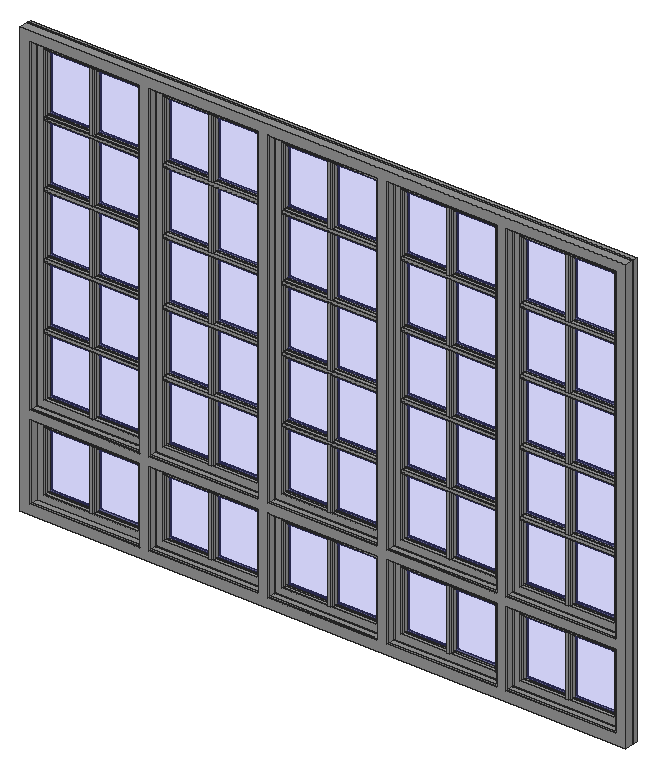
Revit family "MA5SPS", category Windows, host Wall, Revit 2015 (continued)
Forms (mm)
  Sweep 83, solid, material "Lauan, Meranti"
    profile origin (102.594, 23.5, 1230.012) x (0, 0, -1) y (0, 1, 0)
      loop
        line (0, 14.4) -> (0, 6.4) -> (9, 6.4) -> (9, 8.4) -> (7, 8.4)
        arc (7, 8.4) -> (4.67, 12.766) -> (0, 14.4) r 6.807
  Sweep 84, solid, material "Lauan, Meranti"
    path origin (10705.189, 23.5, 1036.012) x (0, 0, -1) y (-1, 0, 0)
      loop
        line (72, 10699) -> (72, 10506.189) -> (325.012, 10506.189) -> (325.012, 10699) -> (72, 10699)
    profile origin (102.594, 23.5, 964.012) x (0, 0, -1) y (0, 1, 0)
      loop
        line (0, 14.4) -> (0, 6.4) -> (9, 6.4) -> (9, 8.4) -> (7, 8.4)
        arc (7, 8.4) -> (4.67, 12.766) -> (0, 14.4) r 6.807
  Sweep 85, solid, material "Lauan, Meranti"
    path origin (10705.189, 23.5, 683) x (0, 0, -1) y (-1, 0, 0)
      loop
        line (72, 10699) -> (72, 10506.189) -> (325, 10506.189) -> (325, 10699) -> (72, 10699)
    profile origin (102.594, 23.5, 611) x (0, 0, -1) y (0, 1, 0)
      loop
        line (0, 14.4) -> (0, 6.4) -> (9, 6.4) -> (9, 8.4) -> (7, 8.4)
        arc (7, 8.4) -> (4.67, 12.766) -> (0, 14.4) r 6.807
  Sweep 86, solid, material "Lauan, Meranti"
    path origin (10002, 23.5, 2100) x (0, 0, -1) y (-1, 0, 0)
      loop
        line (29, 10742) -> (29, 10258) -> (1432, 10258) -> (1432, 10742) -> (29, 10742)
    profile origin (-498, 23.5, 2071) x (0, 0, -1) y (0, 1, 0)
      loop
        line (12, -2) -> (14, -2.536) -> (14, -7.464) -> (12, -8) -> (12, -13) -> (10, -13) -> (10, -17) -> (43, -17) -> (43, -14)
        arc (43, -14) -> (47.243, -12.243) -> (49, -8) r 6
        line (49, -8) -> (52, -8) -> (52, 0) -> (43, 0) -> (43, 25) -> (1, 25)
        arc (1, 25) -> (-3.243, 23.243) -> (-5, 19) r 6
        line (-5, 19) -> (-5, 5) -> (12, 5) -> (12, -2)
  Sweep 87, solid, material "Lauan, Meranti"
    path origin (10002, 23.5, 2100) x (0, 0, -1) y (-1, 0, 0)
      loop
        line (1446, 10742) -> (1446, 10258) -> (1785, 10258) -> (1785, 10742) -> (1446, 10742)
    profile origin (-498, 23.5, 654) x (0, 0, -1) y (0, 1, 0)
      loop
        line (-5, 5) -> (12, 5) -> (12, -2) -> (14, -2.536) -> (14, -7.464) -> (12, -8) -> (12, -13) -> (10, -13) -> (10, -17) -> (43, -17) -> (43, -14)
        arc (43, -14) -> (47.243, -12.243) -> (49, -8) r 6
        line (49, -8) -> (52, -8) -> (52, 0) -> (43, 0) -> (43, 25) -> (1, 25)
        arc (1, 25) -> (-3.243, 23.243) -> (-5, 19) r 6
        line (-5, 19) -> (-5, 5)
  Extrusion 88, solid, material "Lauan, Meranti"
    sketch origin (-768.934, 0, -15.827) x (0, -1, 0) y (0, 0, 1)
      loop
        line (-48.5, 1777.838) -> (-23.5, 1777.838) -> (-23.5, 1768.838) -> (-15.5, 1768.838) -> (-15.5, 1771.838)
        arc (-15.5, 1771.838) -> (-11.257, 1773.596) -> (-9.5, 1777.838) r 6
        line (-9.5, 1777.838) -> (-6.5, 1777.838) -> (-6.5, 1790.838) -> (-9.5, 1790.838)
        arc (-9.5, 1790.838) -> (-11.257, 1795.081) -> (-15.5, 1796.838) r 6
        line (-15.5, 1796.838) -> (-15.5, 1799.838) -> (-23.5, 1799.838) -> (-23.5, 1790.838) -> (-48.5, 1790.838) -> (-48.5, 1777.838)
      loop
        line (-48.5, 1511.838) -> (-23.5, 1511.838) -> (-23.5, 1502.838) -> (-15.5, 1502.838) -> (-15.5, 1505.838)
        arc (-15.5, 1505.838) -> (-11.257, 1507.596) -> (-9.5, 1511.838) r 6
        line (-9.5, 1511.838) -> (-6.5, 1511.838) -> (-6.5, 1524.838) -> (-9.5, 1524.838)
        arc (-9.5, 1524.838) -> (-11.257, 1529.081) -> (-15.5, 1530.838) r 6
        line (-15.5, 1530.838) -> (-15.5, 1533.838) -> (-23.5, 1533.838) -> (-23.5, 1524.838) -> (-48.5, 1524.838) -> (-48.5, 1511.838)
      loop
        line (-48.5, 1245.838) -> (-23.5, 1245.838) -> (-23.5, 1236.838) -> (-15.5, 1236.838) -> (-15.5, 1239.838)
        arc (-15.5, 1239.838) -> (-11.257, 1241.596) -> (-9.5, 1245.838) r 6
        line (-9.5, 1245.838) -> (-6.5, 1245.838) -> (-6.5, 1258.838) -> (-9.5, 1258.838)
        arc (-9.5, 1258.838) -> (-11.257, 1263.081) -> (-15.5, 1264.838) r 6
        line (-15.5, 1264.838) -> (-15.5, 1267.838) -> (-23.5, 1267.838) -> (-23.5, 1258.838) -> (-48.5, 1258.838) -> (-48.5, 1245.838)
      loop
        line (-48.5, 979.838) -> (-23.5, 979.838) -> (-23.5, 970.838) -> (-15.5, 970.838) -> (-15.5, 973.838)
        arc (-15.5, 973.838) -> (-11.257, 975.596) -> (-9.5, 979.838) r 6
        line (-9.5, 979.838) -> (-6.5, 979.838) -> (-6.5, 992.838) -> (-9.5, 992.838)
        arc (-9.5, 992.838) -> (-11.257, 997.081) -> (-15.5, 998.838) r 6
        line (-15.5, 998.838) -> (-15.5, 1001.838) -> (-23.5, 1001.838) -> (-23.5, 992.838) -> (-48.5, 992.838) -> (-48.5, 979.838)
    from -469.934 to -71.934
  Extrusion 89, solid, material "Lauan, Meranti"
    sketch origin (-498.311, 25, 184.173) x (1, 0, 0) y (0, 1, 0)
      loop
        line (-6.5, 23.5) -> (-6.5, -1.5) -> (-15.5, -1.5) -> (-15.5, -9.5) -> (-12.5, -9.5)
        arc (-12.5, -9.5) -> (-10.743, -13.743) -> (-6.5, -15.5) r 6
        line (-6.5, -15.5) -> (-6.5, -18.5) -> (6.5, -18.5) -> (6.5, -15.5)
        arc (6.5, -15.5) -> (10.743, -13.743) -> (12.5, -9.5) r 6
        line (12.5, -9.5) -> (15.5, -9.5) -> (15.5, -1.5) -> (6.5, -1.5) -> (6.5, 23.5) -> (-6.5, 23.5)
    from 1590.839 to 1843.827
  Extrusion 90, solid, material "Lauan, Meranti"
    sketch origin (-498.311, 25, -81.828) x (1, 0, 0) y (0, 1, 0)
      loop
        line (-6.5, 23.5) -> (-6.5, -1.5) -> (-15.5, -1.5) -> (-15.5, -9.5) -> (-12.5, -9.5)
        arc (-12.5, -9.5) -> (-10.743, -13.743) -> (-6.5, -15.5) r 6
        line (-6.5, -15.5) -> (-6.5, -18.5) -> (6.5, -18.5) -> (6.5, -15.5)
        arc (6.5, -15.5) -> (10.743, -13.743) -> (12.5, -9.5) r 6
        line (12.5, -9.5) -> (15.5, -9.5) -> (15.5, -1.5) -> (6.5, -1.5) -> (6.5, 23.5) -> (-6.5, 23.5)
    from 1590.839 to 1843.839
  Extrusion 91, solid, material "Lauan, Meranti"
    sketch origin (-498.311, 25, -347.828) x (1, 0, 0) y (0, 1, 0)
      loop
        line (-6.5, 23.5) -> (-6.5, -1.5) -> (-15.5, -1.5) -> (-15.5, -9.5) -> (-12.5, -9.5)
        arc (-12.5, -9.5) -> (-10.743, -13.743) -> (-6.5, -15.5) r 6
        line (-6.5, -15.5) -> (-6.5, -18.5) -> (6.5, -18.5) -> (6.5, -15.5)
        arc (6.5, -15.5) -> (10.743, -13.743) -> (12.5, -9.5) r 6
        line (12.5, -9.5) -> (15.5, -9.5) -> (15.5, -1.5) -> (6.5, -1.5) -> (6.5, 23.5) -> (-6.5, 23.5)
    from 1590.839 to 1843.839
  Extrusion 92, solid, material "Lauan, Meranti"
    sketch origin (-498.311, 25, -613.828) x (1, 0, 0) y (0, 1, 0)
      loop
        line (-6.5, 23.5) -> (-6.5, -1.5) -> (-15.5, -1.5) -> (-15.5, -9.5) -> (-12.5, -9.5)
        arc (-12.5, -9.5) -> (-10.743, -13.743) -> (-6.5, -15.5) r 6
        line (-6.5, -15.5) -> (-6.5, -18.5) -> (6.5, -18.5) -> (6.5, -15.5)
        arc (6.5, -15.5) -> (10.743, -13.743) -> (12.5, -9.5) r 6
        line (12.5, -9.5) -> (15.5, -9.5) -> (15.5, -1.5) -> (6.5, -1.5) -> (6.5, 23.5) -> (-6.5, 23.5)
    from 1590.839 to 1843.839
  Extrusion 93, solid, material "Lauan, Meranti"
    sketch origin (-498.311, 25, -879.828) x (1, 0, 0) y (0, 1, 0)
      loop
        line (-6.5, 23.5) -> (-6.5, -1.5) -> (-15.5, -1.5) -> (-15.5, -9.5) -> (-12.5, -9.5)
        arc (-12.5, -9.5) -> (-10.743, -13.743) -> (-6.5, -15.5) r 6
        line (-6.5, -15.5) -> (-6.5, -18.5) -> (6.5, -18.5) -> (6.5, -15.5)
        arc (6.5, -15.5) -> (10.743, -13.743) -> (12.5, -9.5) r 6
        line (12.5, -9.5) -> (15.5, -9.5) -> (15.5, -1.5) -> (6.5, -1.5) -> (6.5, 23.5) -> (-6.5, 23.5)
    from 1590.828 to 1843.839
  Extrusion 94, solid, material "Lauan, Meranti"
    sketch origin (-498.311, 25, -1232.828) x (1, 0, 0) y (0, 1, 0)
      loop
        line (-6.5, 23.5) -> (-6.5, -1.5) -> (-15.5, -1.5) -> (-15.5, -9.5) -> (-12.5, -9.5)
        arc (-12.5, -9.5) -> (-10.743, -13.743) -> (-6.5, -15.5) r 6
        line (-6.5, -15.5) -> (-6.5, -18.5) -> (6.5, -18.5) -> (6.5, -15.5)
        arc (6.5, -15.5) -> (10.743, -13.743) -> (12.5, -9.5) r 6
        line (12.5, -9.5) -> (15.5, -9.5) -> (15.5, -1.5) -> (6.5, -1.5) -> (6.5, 23.5) -> (-6.5, 23.5)
    from 1590.828 to 1843.828
  Extrusion 95, solid, material "Glass"
    sketch origin (10002, 23.5, 2100) x (0, 0, -1) y (-1, 0, 0)
      loop
        line (72, 10699) -> (72, 10506.811) -> (324.988, 10506.811) -> (324.988, 10699) -> (72, 10699)
      loop
        line (72, 10493.811) -> (72, 10301) -> (324.988, 10301) -> (324.988, 10493.811) -> (72, 10493.811)
      loop
        line (337.988, 10699) -> (337.988, 10506.811) -> (590.988, 10506.811) -> (590.988, 10699) -> (337.988, 10699)
      loop
        line (337.988, 10493.811) -> (337.988, 10301) -> (590.988, 10301) -> (590.988, 10493.811) -> (337.988, 10493.811)
      loop
        line (603.988, 10699) -> (603.988, 10506.811) -> (856.988, 10506.811) -> (856.988, 10699) -> (603.988, 10699)
      loop
        line (603.988, 10493.811) -> (603.988, 10301) -> (856.988, 10301) -> (856.988, 10493.811) -> (603.988, 10493.811)
      loop
        line (869.988, 10699) -> (869.988, 10506.811) -> (1122.988, 10506.811) -> (1122.988, 10699) -> (869.988, 10699)
      loop
        line (869.988, 10493.811) -> (869.988, 10301) -> (1122.988, 10301) -> (1122.988, 10493.811) -> (869.988, 10493.811)
      loop
        line (1135.988, 10699) -> (1135.988, 10506.811) -> (1389, 10506.811) -> (1389, 10699) -> (1135.988, 10699)
      loop
        line (1135.988, 10493.811) -> (1135.988, 10301) -> (1389, 10301) -> (1389, 10493.811) -> (1135.988, 10493.811)
      loop
        line (1489.013, 10698.988) -> (1489.013, 10506.811) -> (1742, 10506.811) -> (1742, 10698.988) -> (1489.013, 10698.988)
      loop
        line (1489, 10493.811) -> (1489, 10301) -> (1742, 10301) -> (1742, 10493.811) -> (1489, 10493.811)
    from 0 to 6.4
  Sweep 96, solid, material "Lauan, Meranti"
    path origin (10002, 23.5, 2100) x (0, 0, -1) y (-1, 0, 0)
      loop
        line (72, 10699) -> (72, 10506.811) -> (324.988, 10506.811) -> (324.988, 10699) -> (72, 10699)
    profile origin (-600.906, 23.5, 2028) x (0, 0, -1) y (0, 1, 0)
      loop
        line (0, 14.4) -> (0, 6.4) -> (9, 6.4) -> (9, 8.4) -> (7, 8.4)
        arc (7, 8.4) -> (4.67, 12.766) -> (0, 14.4) r 6.807
  Sweep 97, solid, material "Lauan, Meranti"
    path origin (10207.189, 23.5, 2100) x (0, 0, -1) y (-1, 0, 0)
      loop
        line (72, 10699) -> (72, 10506.189) -> (324.988, 10506.189) -> (324.988, 10699) -> (72, 10699)
    profile origin (-395.406, 23.5, 2028) x (0, 0, -1) y (0, 1, 0)
      loop
        line (0, 14.4) -> (0, 6.4) -> (9, 6.4) -> (9, 8.4) -> (7, 8.4)
        arc (7, 8.4) -> (4.67, 12.766) -> (0, 14.4) r 6.807
  Sweep 98, solid, material "Lauan, Meranti"
    path origin (10002, 23.5, 1834.012) x (0, 0, -1) y (-1, 0, 0)
      loop
        line (72, 10699) -> (72, 10506.811) -> (325, 10506.811) -> (325, 10699) -> (72, 10699)
    profile origin (-600.906, 23.5, 1762.012) x (0, 0, -1) y (0, 1, 0)
      loop
        line (0, 14.4) -> (0, 6.4) -> (9, 6.4) -> (9, 8.4) -> (7, 8.4)
        arc (7, 8.4) -> (4.67, 12.766) -> (0, 14.4) r 6.807
  Sweep 99, solid, material "Lauan, Meranti"
    path origin (10002, 23.5, 1568.012) x (0, 0, -1) y (-1, 0, 0)
      loop
        line (72, 10699) -> (72, 10506.811) -> (325, 10506.811) -> (325, 10699) -> (72, 10699)
    profile origin (-600.906, 23.5, 1496.012) x (0, 0, -1) y (0, 1, 0)
      loop
        line (0, 14.4) -> (0, 6.4) -> (9, 6.4) -> (9, 8.4) -> (7, 8.4)
        arc (7, 8.4) -> (4.67, 12.766) -> (0, 14.4) r 6.807
  Sweep 100, solid, material "Lauan, Meranti"
    path origin (10002, 23.5, 1302.012) x (0, 0, -1) y (-1, 0, 0)
      loop
        line (72, 10699) -> (72, 10506.811) -> (325, 10506.811) -> (325, 10699) -> (72, 10699)
    profile origin (-600.906, 23.5, 1230.012) x (0, 0, -1) y (0, 1, 0)
      loop
        line (0, 14.4) -> (0, 6.4) -> (9, 6.4) -> (9, 8.4) -> (7, 8.4)
        arc (7, 8.4) -> (4.67, 12.766) -> (0, 14.4) r 6.807
  Sweep 101, solid, material "Lauan, Meranti"
    path origin (10002, 23.5, 1036.012) x (0, 0, -1) y (-1, 0, 0)
      loop
        line (72, 10699) -> (72, 10506.811) -> (325.012, 10506.811) -> (325.012, 10699) -> (72, 10699)
    profile origin (-600.906, 23.5, 964.012) x (0, 0, -1) y (0, 1, 0)
      loop
        line (0, 14.4) -> (0, 6.4) -> (9, 6.4) -> (9, 8.4) -> (7, 8.4)
        arc (7, 8.4) -> (4.67, 12.766) -> (0, 14.4) r 6.807
  Sweep 102, solid, material "Lauan, Meranti"
    path origin (10002, 23.5, 683) x (0, 0, -1) y (-1, 0, 0)
      loop
        line (72, 10699) -> (72, 10506.811) -> (325, 10506.811) -> (325, 10699) -> (72, 10699)
    profile origin (-600.906, 23.5, 611) x (0, 0, -1) y (0, 1, 0)
      loop
        line (0, 14.4) -> (0, 6.4) -> (9, 6.4) -> (9, 8.4) -> (7, 8.4)
        arc (7, 8.4) -> (4.67, 12.766) -> (0, 14.4) r 6.807
  Sweep 103, solid, material "Lauan, Meranti"
    path origin (10207.189, 23.5, 1834.012) x (0, 0, -1) y (-1, 0, 0)
      loop
        line (72, 10699) -> (72, 10506.189) -> (325, 10506.189) -> (325, 10699) -> (72, 10699)
    profile origin (-395.406, 23.5, 1762.012) x (0, 0, -1) y (0, 1, 0)
      loop
        line (0, 14.4) -> (0, 6.4) -> (9, 6.4) -> (9, 8.4) -> (7, 8.4)
        arc (7, 8.4) -> (4.67, 12.766) -> (0, 14.4) r 6.807
  Sweep 104, solid, material "Lauan, Meranti"
    path origin (10207.189, 23.5, 1568.012) x (0, 0, -1) y (-1, 0, 0)
      loop
        line (72, 10699) -> (72, 10506.189) -> (325, 10506.189) -> (325, 10699) -> (72, 10699)
    profile origin (-395.406, 23.5, 1496.012) x (0, 0, -1) y (0, 1, 0)
      loop
        line (0, 14.4) -> (0, 6.4) -> (9, 6.4) -> (9, 8.4) -> (7, 8.4)
        arc (7, 8.4) -> (4.67, 12.766) -> (0, 14.4) r 6.807
  Sweep 105, solid, material "Lauan, Meranti"
    path origin (10207.189, 23.5, 1302.012) x (0, 0, -1) y (-1, 0, 0)
      loop
        line (72, 10699) -> (72, 10506.189) -> (325, 10506.189) -> (325, 10699) -> (72, 10699)
    profile origin (-395.406, 23.5, 1230.012) x (0, 0, -1) y (0, 1, 0)
      loop
        line (0, 14.4) -> (0, 6.4) -> (9, 6.4) -> (9, 8.4) -> (7, 8.4)
        arc (7, 8.4) -> (4.67, 12.766) -> (0, 14.4) r 6.807
  Sweep 106, solid, material "Lauan, Meranti"
    path origin (10207.189, 23.5, 1036.012) x (0, 0, -1) y (-1, 0, 0)
      loop
        line (72, 10699) -> (72, 10506.189) -> (325.012, 10506.189) -> (325.012, 10699) -> (72, 10699)
    profile origin (-395.406, 23.5, 964.012) x (0, 0, -1) y (0, 1, 0)
      loop
        line (0, 14.4) -> (0, 6.4) -> (9, 6.4) -> (9, 8.4) -> (7, 8.4)
        arc (7, 8.4) -> (4.67, 12.766) -> (0, 14.4) r 6.807
  Sweep 107, solid, material "Lauan, Meranti"
    path origin (10207.189, 23.5, 683) x (0, 0, -1) y (-1, 0, 0)
      loop
        line (72, 10699) -> (72, 10506.189) -> (325, 10506.189) -> (325, 10699) -> (72, 10699)
    profile origin (-395.406, 23.5, 611) x (0, 0, -1) y (0, 1, 0)
      loop
        line (0, 14.4) -> (0, 6.4) -> (9, 6.4) -> (9, 8.4) -> (7, 8.4)
        arc (7, 8.4) -> (4.67, 12.766) -> (0, 14.4) r 6.807
  Sweep 108, solid, material "Lauan, Meranti"
    path origin (9504, 23.5, 2100) x (0, 0, -1) y (-1, 0, 0)
      loop
        line (29, 10742) -> (29, 10258) -> (1432, 10258) -> (1432, 10742) -> (29, 10742)
    profile origin (-996, 23.5, 2071) x (0, 0, -1) y (0, 1, 0)
      loop
        line (12, -2) -> (14, -2.536) -> (14, -7.464) -> (12, -8) -> (12, -13) -> (10, -13) -> (10, -17) -> (43, -17) -> (43, -14)
        arc (43, -14) -> (47.243, -12.243) -> (49, -8) r 6
        line (49, -8) -> (52, -8) -> (52, 0) -> (43, 0) -> (43, 25) -> (1, 25)
        arc (1, 25) -> (-3.243, 23.243) -> (-5, 19) r 6
        line (-5, 19) -> (-5, 5) -> (12, 5) -> (12, -2)
  Sweep 109, solid, material "Lauan, Meranti"
    path origin (9504, 23.5, 2100) x (0, 0, -1) y (-1, 0, 0)
      loop
        line (1446, 10742) -> (1446, 10258) -> (1785, 10258) -> (1785, 10742) -> (1446, 10742)
    profile origin (-996, 23.5, 654) x (0, 0, -1) y (0, 1, 0)
      loop
        line (-5, 5) -> (12, 5) -> (12, -2) -> (14, -2.536) -> (14, -7.464) -> (12, -8) -> (12, -13) -> (10, -13) -> (10, -17) -> (43, -17) -> (43, -14)
        arc (43, -14) -> (47.243, -12.243) -> (49, -8) r 6
        line (49, -8) -> (52, -8) -> (52, 0) -> (43, 0) -> (43, 25) -> (1, 25)
        arc (1, 25) -> (-3.243, 23.243) -> (-5, 19) r 6
        line (-5, 19) -> (-5, 5)
  Extrusion 110, solid, material "Lauan, Meranti"
    sketch origin (-1266.934, 0, -15.827) x (0, -1, 0) y (0, 0, 1)
      loop
        line (-48.5, 1777.838) -> (-23.5, 1777.838) -> (-23.5, 1768.838) -> (-15.5, 1768.838) -> (-15.5, 1771.838)
        arc (-15.5, 1771.838) -> (-11.257, 1773.596) -> (-9.5, 1777.838) r 6
        line (-9.5, 1777.838) -> (-6.5, 1777.838) -> (-6.5, 1790.838) -> (-9.5, 1790.838)
        arc (-9.5, 1790.838) -> (-11.257, 1795.081) -> (-15.5, 1796.838) r 6
        line (-15.5, 1796.838) -> (-15.5, 1799.838) -> (-23.5, 1799.838) -> (-23.5, 1790.838) -> (-48.5, 1790.838) -> (-48.5, 1777.838)
      loop
        line (-48.5, 1511.838) -> (-23.5, 1511.838) -> (-23.5, 1502.838) -> (-15.5, 1502.838) -> (-15.5, 1505.838)
        arc (-15.5, 1505.838) -> (-11.257, 1507.596) -> (-9.5, 1511.838) r 6
        line (-9.5, 1511.838) -> (-6.5, 1511.838) -> (-6.5, 1524.838) -> (-9.5, 1524.838)
        arc (-9.5, 1524.838) -> (-11.257, 1529.081) -> (-15.5, 1530.838) r 6
        line (-15.5, 1530.838) -> (-15.5, 1533.838) -> (-23.5, 1533.838) -> (-23.5, 1524.838) -> (-48.5, 1524.838) -> (-48.5, 1511.838)
      loop
        line (-48.5, 1245.838) -> (-23.5, 1245.838) -> (-23.5, 1236.838) -> (-15.5, 1236.838) -> (-15.5, 1239.838)
        arc (-15.5, 1239.838) -> (-11.257, 1241.596) -> (-9.5, 1245.838) r 6
        line (-9.5, 1245.838) -> (-6.5, 1245.838) -> (-6.5, 1258.838) -> (-9.5, 1258.838)
        arc (-9.5, 1258.838) -> (-11.257, 1263.081) -> (-15.5, 1264.838) r 6
        line (-15.5, 1264.838) -> (-15.5, 1267.838) -> (-23.5, 1267.838) -> (-23.5, 1258.838) -> (-48.5, 1258.838) -> (-48.5, 1245.838)
      loop
        line (-48.5, 979.838) -> (-23.5, 979.838) -> (-23.5, 970.838) -> (-15.5, 970.838) -> (-15.5, 973.838)
        arc (-15.5, 973.838) -> (-11.257, 975.596) -> (-9.5, 979.838) r 6
        line (-9.5, 979.838) -> (-6.5, 979.838) -> (-6.5, 992.838) -> (-9.5, 992.838)
        arc (-9.5, 992.838) -> (-11.257, 997.081) -> (-15.5, 998.838) r 6
        line (-15.5, 998.838) -> (-15.5, 1001.838) -> (-23.5, 1001.838) -> (-23.5, 992.838) -> (-48.5, 992.838) -> (-48.5, 979.838)
    from -469.934 to -71.934
  Extrusion 111, solid, material "Lauan, Meranti"
    sketch origin (-996.311, 25, 184.173) x (1, 0, 0) y (0, 1, 0)
      loop
        line (-6.5, 23.5) -> (-6.5, -1.5) -> (-15.5, -1.5) -> (-15.5, -9.5) -> (-12.5, -9.5)
        arc (-12.5, -9.5) -> (-10.743, -13.743) -> (-6.5, -15.5) r 6
        line (-6.5, -15.5) -> (-6.5, -18.5) -> (6.5, -18.5) -> (6.5, -15.5)
        arc (6.5, -15.5) -> (10.743, -13.743) -> (12.5, -9.5) r 6
        line (12.5, -9.5) -> (15.5, -9.5) -> (15.5, -1.5) -> (6.5, -1.5) -> (6.5, 23.5) -> (-6.5, 23.5)
    from 1590.839 to 1843.827
  Extrusion 112, solid, material "Lauan, Meranti"
    sketch origin (-996.311, 25, -81.828) x (1, 0, 0) y (0, 1, 0)
      loop
        line (-6.5, 23.5) -> (-6.5, -1.5) -> (-15.5, -1.5) -> (-15.5, -9.5) -> (-12.5, -9.5)
        arc (-12.5, -9.5) -> (-10.743, -13.743) -> (-6.5, -15.5) r 6
        line (-6.5, -15.5) -> (-6.5, -18.5) -> (6.5, -18.5) -> (6.5, -15.5)
        arc (6.5, -15.5) -> (10.743, -13.743) -> (12.5, -9.5) r 6
        line (12.5, -9.5) -> (15.5, -9.5) -> (15.5, -1.5) -> (6.5, -1.5) -> (6.5, 23.5) -> (-6.5, 23.5)
    from 1590.839 to 1843.839
  Extrusion 113, solid, material "Lauan, Meranti"
    sketch origin (-996.311, 25, -347.828) x (1, 0, 0) y (0, 1, 0)
      loop
        line (-6.5, 23.5) -> (-6.5, -1.5) -> (-15.5, -1.5) -> (-15.5, -9.5) -> (-12.5, -9.5)
        arc (-12.5, -9.5) -> (-10.743, -13.743) -> (-6.5, -15.5) r 6
        line (-6.5, -15.5) -> (-6.5, -18.5) -> (6.5, -18.5) -> (6.5, -15.5)
        arc (6.5, -15.5) -> (10.743, -13.743) -> (12.5, -9.5) r 6
        line (12.5, -9.5) -> (15.5, -9.5) -> (15.5, -1.5) -> (6.5, -1.5) -> (6.5, 23.5) -> (-6.5, 23.5)
    from 1590.839 to 1843.839
  Extrusion 114, solid, material "Lauan, Meranti"
    sketch origin (-996.311, 25, -613.828) x (1, 0, 0) y (0, 1, 0)
      loop
        line (-6.5, 23.5) -> (-6.5, -1.5) -> (-15.5, -1.5) -> (-15.5, -9.5) -> (-12.5, -9.5)
        arc (-12.5, -9.5) -> (-10.743, -13.743) -> (-6.5, -15.5) r 6
        line (-6.5, -15.5) -> (-6.5, -18.5) -> (6.5, -18.5) -> (6.5, -15.5)
        arc (6.5, -15.5) -> (10.743, -13.743) -> (12.5, -9.5) r 6
        line (12.5, -9.5) -> (15.5, -9.5) -> (15.5, -1.5) -> (6.5, -1.5) -> (6.5, 23.5) -> (-6.5, 23.5)
    from 1590.839 to 1843.839
  Extrusion 115, solid, material "Lauan, Meranti"
    sketch origin (-996.311, 25, -879.828) x (1, 0, 0) y (0, 1, 0)
      loop
        line (-6.5, 23.5) -> (-6.5, -1.5) -> (-15.5, -1.5) -> (-15.5, -9.5) -> (-12.5, -9.5)
        arc (-12.5, -9.5) -> (-10.743, -13.743) -> (-6.5, -15.5) r 6
        line (-6.5, -15.5) -> (-6.5, -18.5) -> (6.5, -18.5) -> (6.5, -15.5)
        arc (6.5, -15.5) -> (10.743, -13.743) -> (12.5, -9.5) r 6
        line (12.5, -9.5) -> (15.5, -9.5) -> (15.5, -1.5) -> (6.5, -1.5) -> (6.5, 23.5) -> (-6.5, 23.5)
    from 1590.828 to 1843.839
  Extrusion 116, solid, material "Lauan, Meranti"
    sketch origin (-996.311, 25, -1232.828) x (1, 0, 0) y (0, 1, 0)
      loop
        line (-6.5, 23.5) -> (-6.5, -1.5) -> (-15.5, -1.5) -> (-15.5, -9.5) -> (-12.5, -9.5)
        arc (-12.5, -9.5) -> (-10.743, -13.743) -> (-6.5, -15.5) r 6
        line (-6.5, -15.5) -> (-6.5, -18.5) -> (6.5, -18.5) -> (6.5, -15.5)
        arc (6.5, -15.5) -> (10.743, -13.743) -> (12.5, -9.5) r 6
        line (12.5, -9.5) -> (15.5, -9.5) -> (15.5, -1.5) -> (6.5, -1.5) -> (6.5, 23.5) -> (-6.5, 23.5)
    from 1590.828 to 1843.828
  Extrusion 117, solid, material "Glass"
    sketch origin (9504, 23.5, 2100) x (0, 0, -1) y (-1, 0, 0)
      loop
        line (72, 10699) -> (72, 10506.811) -> (324.988, 10506.811) -> (324.988, 10699) -> (72, 10699)
      loop
        line (72, 10493.811) -> (72, 10301) -> (324.988, 10301) -> (324.988, 10493.811) -> (72, 10493.811)
      loop
        line (337.988, 10699) -> (337.988, 10506.811) -> (590.988, 10506.811) -> (590.988, 10699) -> (337.988, 10699)
      loop
        line (337.988, 10493.811) -> (337.988, 10301) -> (590.988, 10301) -> (590.988, 10493.811) -> (337.988, 10493.811)
      loop
        line (603.988, 10699) -> (603.988, 10506.811) -> (856.988, 10506.811) -> (856.988, 10699) -> (603.988, 10699)
      loop
        line (603.988, 10493.811) -> (603.988, 10301) -> (856.988, 10301) -> (856.988, 10493.811) -> (603.988, 10493.811)
      loop
        line (869.988, 10699) -> (869.988, 10506.811) -> (1122.988, 10506.811) -> (1122.988, 10699) -> (869.988, 10699)
      loop
        line (869.988, 10493.811) -> (869.988, 10301) -> (1122.988, 10301) -> (1122.988, 10493.811) -> (869.988, 10493.811)
      loop
        line (1135.988, 10699) -> (1135.988, 10506.811) -> (1389, 10506.811) -> (1389, 10699) -> (1135.988, 10699)
      loop
        line (1135.988, 10493.811) -> (1135.988, 10301) -> (1389, 10301) -> (1389, 10493.811) -> (1135.988, 10493.811)
      loop
        line (1489.013, 10698.988) -> (1489.013, 10506.811) -> (1742, 10506.811) -> (1742, 10698.988) -> (1489.013, 10698.988)
      loop
        line (1489, 10493.811) -> (1489, 10301) -> (1742, 10301) -> (1742, 10493.811) -> (1489, 10493.811)
    from 0 to 6.4
  Sweep 118, solid, material "Lauan, Meranti"
    path origin (9504, 23.5, 2100) x (0, 0, -1) y (-1, 0, 0)
      loop
        line (72, 10699) -> (72, 10506.811) -> (324.988, 10506.811) -> (324.988, 10699) -> (72, 10699)
    profile origin (-1098.906, 23.5, 2028) x (0, 0, -1) y (0, 1, 0)
      loop
        line (0, 14.4) -> (0, 6.4) -> (9, 6.4) -> (9, 8.4) -> (7, 8.4)
        arc (7, 8.4) -> (4.67, 12.766) -> (0, 14.4) r 6.807
  Sweep 119, solid, material "Lauan, Meranti"
    path origin (9709.189, 23.5, 2100) x (0, 0, -1) y (-1, 0, 0)
      loop
        line (72, 10699) -> (72, 10506.189) -> (324.988, 10506.189) -> (324.988, 10699) -> (72, 10699)
    profile origin (-893.406, 23.5, 2028) x (0, 0, -1) y (0, 1, 0)
      loop
        line (0, 14.4) -> (0, 6.4) -> (9, 6.4) -> (9, 8.4) -> (7, 8.4)
        arc (7, 8.4) -> (4.67, 12.766) -> (0, 14.4) r 6.807
  Sweep 120, solid, material "Lauan, Meranti"
    path origin (9504, 23.5, 1834.012) x (0, 0, -1) y (-1, 0, 0)
      loop
        line (72, 10699) -> (72, 10506.811) -> (325, 10506.811) -> (325, 10699) -> (72, 10699)
    profile origin (-1098.906, 23.5, 1762.012) x (0, 0, -1) y (0, 1, 0)
      loop
        line (0, 14.4) -> (0, 6.4) -> (9, 6.4) -> (9, 8.4) -> (7, 8.4)
        arc (7, 8.4) -> (4.67, 12.766) -> (0, 14.4) r 6.807
  Sweep 121, solid, material "Lauan, Meranti"
    path origin (9504, 23.5, 1568.012) x (0, 0, -1) y (-1, 0, 0)
      loop
        line (72, 10699) -> (72, 10506.811) -> (325, 10506.811) -> (325, 10699) -> (72, 10699)
    profile origin (-1098.906, 23.5, 1496.012) x (0, 0, -1) y (0, 1, 0)
      loop
        line (0, 14.4) -> (0, 6.4) -> (9, 6.4) -> (9, 8.4) -> (7, 8.4)
        arc (7, 8.4) -> (4.67, 12.766) -> (0, 14.4) r 6.807
  Sweep 122, solid, material "Lauan, Meranti"
    path origin (9504, 23.5, 1302.012) x (0, 0, -1) y (-1, 0, 0)
      loop
        line (72, 10699) -> (72, 10506.811) -> (325, 10506.811) -> (325, 10699) -> (72, 10699)
    profile origin (-1098.906, 23.5, 1230.012) x (0, 0, -1) y (0, 1, 0)
      loop
        line (0, 14.4) -> (0, 6.4) -> (9, 6.4) -> (9, 8.4) -> (7, 8.4)
        arc (7, 8.4) -> (4.67, 12.766) -> (0, 14.4) r 6.807
  Sweep 123, solid, material "Lauan, Meranti"
    path origin (9504, 23.5, 1036.012) x (0, 0, -1) y (-1, 0, 0)
      loop
        line (72, 10699) -> (72, 10506.811) -> (325.012, 10506.811) -> (325.012, 10699) -> (72, 10699)
    profile origin (-1098.906, 23.5, 964.012) x (0, 0, -1) y (0, 1, 0)
      loop
        line (0, 14.4) -> (0, 6.4) -> (9, 6.4) -> (9, 8.4) -> (7, 8.4)
        arc (7, 8.4) -> (4.67, 12.766) -> (0, 14.4) r 6.807
  Sweep 124, solid, material "Lauan, Meranti"
    path origin (9504, 23.5, 683) x (0, 0, -1) y (-1, 0, 0)
      loop
        line (72, 10699) -> (72, 10506.811) -> (325, 10506.811) -> (325, 10699) -> (72, 10699)
    profile origin (-1098.906, 23.5, 611) x (0, 0, -1) y (0, 1, 0)
      loop
        line (0, 14.4) -> (0, 6.4) -> (9, 6.4) -> (9, 8.4) -> (7, 8.4)
        arc (7, 8.4) -> (4.67, 12.766) -> (0, 14.4) r 6.807
  Sweep 125, solid, material "Lauan, Meranti"
    path origin (9709.189, 23.5, 1834.012) x (0, 0, -1) y (-1, 0, 0)
      loop
        line (72, 10699) -> (72, 10506.189) -> (325, 10506.189) -> (325, 10699) -> (72, 10699)
    profile origin (-893.406, 23.5, 1762.012) x (0, 0, -1) y (0, 1, 0)
      loop
        line (0, 14.4) -> (0, 6.4) -> (9, 6.4) -> (9, 8.4) -> (7, 8.4)
        arc (7, 8.4) -> (4.67, 12.766) -> (0, 14.4) r 6.807
  Sweep 126, solid, material "Lauan, Meranti"
    path origin (9709.189, 23.5, 1568.012) x (0, 0, -1) y (-1, 0, 0)
      loop
        line (72, 10699) -> (72, 10506.189) -> (325, 10506.189) -> (325, 10699) -> (72, 10699)
    profile origin (-893.406, 23.5, 1496.012) x (0, 0, -1) y (0, 1, 0)
      loop
        line (0, 14.4) -> (0, 6.4) -> (9, 6.4) -> (9, 8.4) -> (7, 8.4)
        arc (7, 8.4) -> (4.67, 12.766) -> (0, 14.4) r 6.807
  Sweep 127, solid, material "Lauan, Meranti"
    path origin (9709.189, 23.5, 1302.012) x (0, 0, -1) y (-1, 0, 0)
      loop
        line (72, 10699) -> (72, 10506.189) -> (325, 10506.189) -> (325, 10699) -> (72, 10699)
    profile origin (-893.406, 23.5, 1230.012) x (0, 0, -1) y (0, 1, 0)
      loop
        line (0, 14.4) -> (0, 6.4) -> (9, 6.4) -> (9, 8.4) -> (7, 8.4)
        arc (7, 8.4) -> (4.67, 12.766) -> (0, 14.4) r 6.807
  Sweep 128, solid, material "Lauan, Meranti"
    path origin (9709.189, 23.5, 1036.012) x (0, 0, -1) y (-1, 0, 0)
      loop
        line (72, 10699) -> (72, 10506.189) -> (325.012, 10506.189) -> (325.012, 10699) -> (72, 10699)
    profile origin (-893.406, 23.5, 964.012) x (0, 0, -1) y (0, 1, 0)
      loop
        line (0, 14.4) -> (0, 6.4) -> (9, 6.4) -> (9, 8.4) -> (7, 8.4)
        arc (7, 8.4) -> (4.67, 12.766) -> (0, 14.4) r 6.807
  Sweep 129, solid, material "Lauan, Meranti"
    path origin (9709.189, 23.5, 683) x (0, 0, -1) y (-1, 0, 0)
      loop
        line (72, 10699) -> (72, 10506.189) -> (325, 10506.189) -> (325, 10699) -> (72, 10699)
    profile origin (-893.406, 23.5, 611) x (0, 0, -1) y (0, 1, 0)
      loop
        line (0, 14.4) -> (0, 6.4) -> (9, 6.4) -> (9, 8.4) -> (7, 8.4)
        arc (7, 8.4) -> (4.67, 12.766) -> (0, 14.4) r 6.807
Cuts and joins
  joined: Sweep 1, Extrusion 2, Extrusion 3, Extrusion 4, Extrusion 5, Extrusion 6, Extrusion 8, Extrusion 9, Extrusion 10, Extrusion 11
Lines and regions (mm)
  Opening 1
    outline origin (3500, -100, 0) x (1, 0, 0) y (0, 0, 1)
      loop
        line (-2233, 286) -> (-2233, 2100) -> (-4767, 2100) -> (-4767, 286) -> (-2233, 286)
  model lines
    curve 1: line (-1243.08, 48.5, 2076.082) -> (-749.08, 48.5, 1369.582)
    curve 2: line (-749.08, 48.5, 1369.582) -> (-1243.08, 48.5, 663.082)
    curve 3: line (1243, 48.5, 2076) -> (749, 48.5, 1369.5)
    curve 4: line (749, 48.5, 1369.5) -> (1243, 48.5, 663)
Text (mm)
  text "EXTERIOR" at (-1963.203, 1332.353, 0), in view "Ref. Level"
  text "INTERIOR" at (-1981.466, -818.386, 0), in view "Ref. Level"
  text "Exterior" at (0, 923.751, 2943.296), in view "Right"
  text "Exterior" at (0, 1040.484, 2685.409), in view "Left"
Dimensions and locks
  equal spacing: plane 3 "Left", plane 2 "Center (Left/Right)", plane 4 "Right"
  "Width": plane 3 "Left" to plane 4 "Right"
  "Height": plane 5 "Sill" to plane 6 "Head"
  "Default Lintel Height": plane 6 "Head" to level
  locked: plane 7 "Exterior" to host wall at 0
  locked: plane 8 "Interior" to host wall
  locked: plane 10 to plane 9 at 52
  "Sash Height": plane 11 to plane 6 "Head"
  "Sash Width": plane 12 to plane 4 "Right"
  "Sash Width": plane 13 to plane 3 "Left"
  aligned and locked: Sweep 1 sketch curve to host wall  (x4)
  aligned and locked: Extrusion 2 to Sweep 1  (x2)
  aligned and locked: Extrusion 4 to Sweep 1
  aligned and locked: Extrusion 6 to Sweep 1
  aligned and locked: Extrusion 3 to Sweep 1
  aligned and locked: Extrusion 5 to Sweep 1
  aligned and locked: Extrusion 5 to Extrusion 2
  aligned and locked: Extrusion 4 to Extrusion 2
  aligned and locked: Extrusion 8 to cut or joined group 1 (Sweep 1, Extrusion 2, Extrusion 3, Extrusion 4, Extrusion 5, Extrusion 6, Extrusion 8, Extrusion 9, Extrusion 10, Extrusion 11)  (x2)
  aligned and locked: Extrusion 9 to cut or joined group 1  (x2)
  aligned and locked: Extrusion 10 to cut or joined group 1  (x2)
  aligned and locked: Extrusion 6 to Extrusion 2
  aligned and locked: Extrusion 3 to Extrusion 2
  aligned and locked: Extrusion 11 to cut or joined group 1
  aligned and locked: cut or joined group 1 to Sweep 12 sketch curve  (x2)
  aligned and locked: Sweep 12 sketch curve to Extrusion 9  (x2)
  aligned and locked: Sweep 13 sketch curve to Extrusion 9  (x2)
  aligned and locked: Sweep 13 sketch curve to Extrusion 11  (x2)
  aligned and locked: Sweep 14 sketch curve to Extrusion 11  (x2)
  aligned and locked: cut or joined group 1 to Sweep 14 sketch curve  (x2)
  aligned and locked: cut or joined group 1 to Sweep 15 sketch curve  (x2)
  aligned and locked: Sweep 15 sketch curve to Extrusion 8  (x2)
  aligned and locked: Sweep 16 sketch curve to Extrusion 8  (x2)
  aligned and locked: Sweep 16 sketch curve to Extrusion 10  (x2)
  aligned and locked: Sweep 17 sketch curve to Extrusion 10  (x2)
  aligned and locked: cut or joined group 1 to Sweep 17 sketch curve
  aligned and locked: Sweep 17 sketch curve to cut or joined group 1
  aligned and locked: cut or joined group 1 to Sweep 18 sketch curve  (x2)
  aligned and locked: Sweep 18 sketch curve to cut or joined group 1  (x2)
  aligned and locked: Sweep 19 sketch curve to cut or joined group 1  (x2)
  aligned and locked: cut or joined group 1 to Sweep 19 sketch curve  (x2)
  aligned and locked: Sweep 20 to Extrusion 22  (x2)
  aligned and locked: Sweep 20 to Extrusion 23
  aligned and locked: Extrusion 22 to Extrusion 27
  aligned and locked: Sweep 20 to Extrusion 27
  aligned and locked: Extrusion 22 to Extrusion 26  (x2)
  aligned and locked: Extrusion 22 to Extrusion 25  (x2)
  aligned and locked: Extrusion 22 to Extrusion 24  (x2)
  aligned and locked: Sweep 21 to Extrusion 28
  aligned and locked: Sweep 20 to Extrusion 29 sketch curve  (x2)
  aligned and locked: Extrusion 29 sketch curve to Sweep 20  (x2)
  aligned and locked: Extrusion 29 sketch curve to Extrusion 23  (x4)
  aligned and locked: Extrusion 22 to Extrusion 29 sketch curve  (x13)
  aligned and locked: Extrusion 29 sketch curve to Extrusion 22  (x3)
  aligned and locked: Extrusion 29 sketch curve to Extrusion 24  (x3)
  aligned and locked: Extrusion 29 sketch curve to Extrusion 29 sketch curve
  aligned and locked: Extrusion 29 sketch curve to Extrusion 25  (x4)
  aligned and locked: Extrusion 29 sketch curve to Extrusion 26  (x4)
  aligned and locked: Extrusion 29 sketch curve to Extrusion 27  (x4)
  aligned and locked: Extrusion 29 sketch curve to Sweep 21  (x3)
  aligned and locked: Extrusion 29 sketch curve to Extrusion 28  (x4)
  aligned and locked: Sweep 21 to Extrusion 29 sketch curve
  aligned and locked: Sweep 20 to Sweep 30 sketch curve
  aligned and locked: Sweep 30 sketch curve to Sweep 20
  aligned and locked: Sweep 30 sketch curve to Extrusion 29
  aligned and locked: Sweep 30 sketch curve to Extrusion 23
  aligned and locked: Sweep 20 to Sweep 31 sketch curve
  aligned and locked: Sweep 31 sketch curve to Extrusion 23
  aligned and locked: Sweep 31 sketch curve to Sweep 20
  aligned and locked: Extrusion 22 to Sweep 31 sketch curve
  aligned and locked: Extrusion 22 to Sweep 32 sketch curve  (x2)
  aligned and locked: Sweep 32 sketch curve to Sweep 20
  aligned and locked: Sweep 32 sketch curve to Extrusion 24
  aligned and locked: Extrusion 22 to Sweep 37 sketch curve  (x2)
  aligned and locked: Sweep 37 sketch curve to Extrusion 24
  aligned and locked: Sweep 37 sketch curve to Sweep 20
  aligned and locked: Extrusion 22 to Sweep 33 sketch curve  (x2)
  aligned and locked: Sweep 33 sketch curve to Sweep 20
  aligned and locked: Sweep 33 sketch curve to Extrusion 25
  aligned and locked: Extrusion 22 to Sweep 38 sketch curve  (x2)
  aligned and locked: Sweep 38 sketch curve to Extrusion 25
  aligned and locked: Sweep 38 sketch curve to Sweep 20
  aligned and locked: Extrusion 22 to Sweep 34 sketch curve  (x2)
  aligned and locked: Sweep 34 sketch curve to Sweep 20
  aligned and locked: Sweep 34 sketch curve to Extrusion 26
  aligned and locked: Extrusion 22 to Sweep 39 sketch curve  (x2)
  aligned and locked: Sweep 39 sketch curve to Extrusion 26
  aligned and locked: Sweep 39 sketch curve to Sweep 20
  aligned and locked: Extrusion 22 to Sweep 35 sketch curve
  aligned and locked: Sweep 35 sketch curve to Sweep 20
  aligned and locked: Sweep 20 to Sweep 35 sketch curve
  aligned and locked: Sweep 35 sketch curve to Extrusion 27
  aligned and locked: Extrusion 22 to Sweep 40 sketch curve
  aligned and locked: Sweep 40 sketch curve to Extrusion 27
  aligned and locked: Sweep 20 to Sweep 40 sketch curve
  aligned and locked: Sweep 40 sketch curve to Sweep 20
  aligned and locked: Sweep 21 to Sweep 36 sketch curve  (x2)
  aligned and locked: Sweep 36 sketch curve to Sweep 21
  aligned and locked: Sweep 36 sketch curve to Extrusion 28
  aligned and locked: Sweep 21 to Sweep 41 sketch curve  (x2)
  aligned and locked: Sweep 41 sketch curve to Extrusion 28
  aligned and locked: Sweep 41 sketch curve to Sweep 21
  aligned and locked: Sweep 42 to Extrusion 44  (x2)
  aligned and locked: Sweep 42 to Extrusion 45
  aligned and locked: Extrusion 44 to Extrusion 49
  aligned and locked: Sweep 42 to Extrusion 49
  aligned and locked: Extrusion 44 to Extrusion 48  (x2)
  aligned and locked: Extrusion 44 to Extrusion 47  (x2)
  aligned and locked: Extrusion 44 to Extrusion 46  (x2)
  aligned and locked: Sweep 43 to Extrusion 50
  aligned and locked: Sweep 42 to Extrusion 51 sketch curve  (x2)
  aligned and locked: Extrusion 51 sketch curve to Sweep 42  (x2)
  aligned and locked: Extrusion 51 sketch curve to Extrusion 45  (x4)
  aligned and locked: Extrusion 44 to Extrusion 51 sketch curve  (x13)
  aligned and locked: Extrusion 51 sketch curve to Extrusion 44  (x3)
  aligned and locked: Extrusion 51 sketch curve to Extrusion 46  (x3)
  aligned and locked: Extrusion 51 sketch curve to Extrusion 51 sketch curve
  aligned and locked: Extrusion 51 sketch curve to Extrusion 47  (x4)
  aligned and locked: Extrusion 51 sketch curve to Extrusion 48  (x4)
  aligned and locked: Extrusion 51 sketch curve to Extrusion 49  (x4)
  aligned and locked: Extrusion 51 sketch curve to Sweep 43  (x3)
  aligned and locked: Extrusion 51 sketch curve to Extrusion 50  (x4)
  aligned and locked: Sweep 43 to Extrusion 51 sketch curve
  aligned and locked: Sweep 42 to Sweep 52 sketch curve
  aligned and locked: Sweep 52 sketch curve to Sweep 42
  aligned and locked: Sweep 52 sketch curve to Extrusion 51
  aligned and locked: Sweep 52 sketch curve to Extrusion 45
  aligned and locked: Sweep 42 to Sweep 53 sketch curve
  aligned and locked: Sweep 53 sketch curve to Extrusion 45
  aligned and locked: Sweep 53 sketch curve to Sweep 42
  aligned and locked: Extrusion 44 to Sweep 53 sketch curve
  aligned and locked: Extrusion 44 to Sweep 54 sketch curve  (x2)
  aligned and locked: Sweep 54 sketch curve to Sweep 42
  aligned and locked: Sweep 54 sketch curve to Extrusion 46
  aligned and locked: Extrusion 44 to Sweep 59 sketch curve  (x2)
  aligned and locked: Sweep 59 sketch curve to Extrusion 46
  aligned and locked: Sweep 59 sketch curve to Sweep 42
  aligned and locked: Extrusion 44 to Sweep 55 sketch curve  (x2)
  aligned and locked: Sweep 55 sketch curve to Sweep 42
  aligned and locked: Sweep 55 sketch curve to Extrusion 47
  aligned and locked: Extrusion 44 to Sweep 60 sketch curve  (x2)
  aligned and locked: Sweep 60 sketch curve to Extrusion 47
  aligned and locked: Sweep 60 sketch curve to Sweep 42
  aligned and locked: Extrusion 44 to Sweep 56 sketch curve  (x2)
  aligned and locked: Sweep 56 sketch curve to Sweep 42
  aligned and locked: Sweep 56 sketch curve to Extrusion 48
  aligned and locked: Extrusion 44 to Sweep 61 sketch curve  (x2)
  aligned and locked: Sweep 61 sketch curve to Extrusion 48
  aligned and locked: Sweep 61 sketch curve to Sweep 42
  aligned and locked: Extrusion 44 to Sweep 57 sketch curve
  aligned and locked: Sweep 57 sketch curve to Sweep 42
  aligned and locked: Sweep 42 to Sweep 57 sketch curve
  aligned and locked: Sweep 57 sketch curve to Extrusion 49
  aligned and locked: Extrusion 44 to Sweep 62 sketch curve
  aligned and locked: Sweep 62 sketch curve to Extrusion 49
  aligned and locked: Sweep 42 to Sweep 62 sketch curve
  aligned and locked: Sweep 62 sketch curve to Sweep 42
  aligned and locked: Sweep 43 to Sweep 58 sketch curve  (x2)
  aligned and locked: Sweep 58 sketch curve to Sweep 43
  aligned and locked: Sweep 58 sketch curve to Extrusion 50
  aligned and locked: Sweep 43 to Sweep 63 sketch curve  (x2)
  aligned and locked: Sweep 63 sketch curve to Extrusion 50
  aligned and locked: Sweep 63 sketch curve to Sweep 43
  aligned and locked: Sweep 64 to Extrusion 66  (x2)
  aligned and locked: Sweep 64 to Extrusion 67
  aligned and locked: Extrusion 66 to Extrusion 71
  aligned and locked: Sweep 64 to Extrusion 71
  aligned and locked: Extrusion 66 to Extrusion 70  (x2)
  aligned and locked: Extrusion 66 to Extrusion 69  (x2)
  aligned and locked: Extrusion 66 to Extrusion 68  (x2)
  aligned and locked: Sweep 65 to Extrusion 72
  aligned and locked: Sweep 64 to Extrusion 73 sketch curve  (x2)
  aligned and locked: Extrusion 73 sketch curve to Sweep 64  (x2)
  aligned and locked: Extrusion 73 sketch curve to Extrusion 67  (x4)
  aligned and locked: Extrusion 66 to Extrusion 73 sketch curve  (x13)
  aligned and locked: Extrusion 73 sketch curve to Extrusion 66  (x3)
  aligned and locked: Extrusion 73 sketch curve to Extrusion 68  (x3)
  aligned and locked: Extrusion 73 sketch curve to Extrusion 73 sketch curve
  aligned and locked: Extrusion 73 sketch curve to Extrusion 69  (x4)
  aligned and locked: Extrusion 73 sketch curve to Extrusion 70  (x4)
  aligned and locked: Extrusion 73 sketch curve to Extrusion 71  (x4)
  aligned and locked: Extrusion 73 sketch curve to Sweep 65  (x3)
  aligned and locked: Extrusion 73 sketch curve to Extrusion 72  (x4)
  aligned and locked: Sweep 65 to Extrusion 73 sketch curve
  aligned and locked: Sweep 64 to Sweep 74 sketch curve
  aligned and locked: Sweep 74 sketch curve to Sweep 64
  aligned and locked: Sweep 74 sketch curve to Extrusion 73
  aligned and locked: Sweep 74 sketch curve to Extrusion 67
  aligned and locked: Sweep 64 to Sweep 75 sketch curve
  aligned and locked: Sweep 75 sketch curve to Extrusion 67
  aligned and locked: Sweep 75 sketch curve to Sweep 64
  aligned and locked: Extrusion 66 to Sweep 75 sketch curve
  aligned and locked: Extrusion 66 to Sweep 76 sketch curve  (x2)
  aligned and locked: Sweep 76 sketch curve to Sweep 64
  aligned and locked: Sweep 76 sketch curve to Extrusion 68
  aligned and locked: Extrusion 66 to Sweep 81 sketch curve  (x2)
  aligned and locked: Sweep 81 sketch curve to Extrusion 68
  aligned and locked: Sweep 81 sketch curve to Sweep 64
  aligned and locked: Extrusion 66 to Sweep 77 sketch curve  (x2)
  aligned and locked: Sweep 77 sketch curve to Sweep 64
  aligned and locked: Sweep 77 sketch curve to Extrusion 69
  aligned and locked: Extrusion 66 to Sweep 82 sketch curve  (x2)
  aligned and locked: Sweep 82 sketch curve to Extrusion 69
  aligned and locked: Sweep 82 sketch curve to Sweep 64
  aligned and locked: Extrusion 66 to Sweep 78 sketch curve  (x2)
  aligned and locked: Sweep 78 sketch curve to Sweep 64
  aligned and locked: Sweep 78 sketch curve to Extrusion 70
  aligned and locked: Extrusion 66 to Sweep 83 sketch curve  (x2)
  aligned and locked: Sweep 83 sketch curve to Extrusion 70
  aligned and locked: Sweep 83 sketch curve to Sweep 64
  aligned and locked: Extrusion 66 to Sweep 79 sketch curve
  aligned and locked: Sweep 79 sketch curve to Sweep 64
  aligned and locked: Sweep 64 to Sweep 79 sketch curve
  aligned and locked: Sweep 79 sketch curve to Extrusion 71
  aligned and locked: Extrusion 66 to Sweep 84 sketch curve
  aligned and locked: Sweep 84 sketch curve to Extrusion 71
  aligned and locked: Sweep 64 to Sweep 84 sketch curve
  aligned and locked: Sweep 84 sketch curve to Sweep 64
  aligned and locked: Sweep 65 to Sweep 80 sketch curve  (x2)
  aligned and locked: Sweep 80 sketch curve to Sweep 65
  aligned and locked: Sweep 80 sketch curve to Extrusion 72
  aligned and locked: Sweep 65 to Sweep 85 sketch curve  (x2)
  aligned and locked: Sweep 85 sketch curve to Extrusion 72
  aligned and locked: Sweep 85 sketch curve to Sweep 65
  aligned and locked: Sweep 86 to Extrusion 88  (x2)
  aligned and locked: Sweep 86 to Extrusion 89
  aligned and locked: Extrusion 88 to Extrusion 93
  aligned and locked: Sweep 86 to Extrusion 93
  aligned and locked: Extrusion 88 to Extrusion 92  (x2)
  aligned and locked: Extrusion 88 to Extrusion 91  (x2)
  aligned and locked: Extrusion 88 to Extrusion 90  (x2)
  aligned and locked: Sweep 87 to Extrusion 94
  aligned and locked: Sweep 86 to Extrusion 95 sketch curve  (x2)
  aligned and locked: Extrusion 95 sketch curve to Sweep 86  (x2)
  aligned and locked: Extrusion 95 sketch curve to Extrusion 89  (x4)
  aligned and locked: Extrusion 88 to Extrusion 95 sketch curve  (x13)
  aligned and locked: Extrusion 95 sketch curve to Extrusion 88  (x3)
  aligned and locked: Extrusion 95 sketch curve to Extrusion 90  (x3)
  aligned and locked: Extrusion 95 sketch curve to Extrusion 95 sketch curve
  aligned and locked: Extrusion 95 sketch curve to Extrusion 91  (x4)
  aligned and locked: Extrusion 95 sketch curve to Extrusion 92  (x4)
  aligned and locked: Extrusion 95 sketch curve to Extrusion 93  (x4)
  aligned and locked: Extrusion 95 sketch curve to Sweep 87  (x3)
  aligned and locked: Extrusion 95 sketch curve to Extrusion 94  (x4)
  aligned and locked: Sweep 87 to Extrusion 95 sketch curve
  aligned and locked: Sweep 86 to Sweep 96 sketch curve
  aligned and locked: Sweep 96 sketch curve to Sweep 86
  aligned and locked: Sweep 96 sketch curve to Extrusion 95
  aligned and locked: Sweep 96 sketch curve to Extrusion 89
  aligned and locked: Sweep 86 to Sweep 97 sketch curve
  aligned and locked: Sweep 97 sketch curve to Extrusion 89
  aligned and locked: Sweep 97 sketch curve to Sweep 86
  aligned and locked: Extrusion 88 to Sweep 97 sketch curve
  aligned and locked: Extrusion 88 to Sweep 98 sketch curve  (x2)
  aligned and locked: Sweep 98 sketch curve to Sweep 86
  aligned and locked: Sweep 98 sketch curve to Extrusion 90
  aligned and locked: Extrusion 88 to Sweep 103 sketch curve  (x2)
  aligned and locked: Sweep 103 sketch curve to Extrusion 90
  aligned and locked: Sweep 103 sketch curve to Sweep 86
  aligned and locked: Extrusion 88 to Sweep 99 sketch curve  (x2)
  aligned and locked: Sweep 99 sketch curve to Sweep 86
  aligned and locked: Sweep 99 sketch curve to Extrusion 91
  aligned and locked: Extrusion 88 to Sweep 104 sketch curve  (x2)
  aligned and locked: Sweep 104 sketch curve to Extrusion 91
  aligned and locked: Sweep 104 sketch curve to Sweep 86
  aligned and locked: Extrusion 88 to Sweep 100 sketch curve  (x2)
  aligned and locked: Sweep 100 sketch curve to Sweep 86
  aligned and locked: Sweep 100 sketch curve to Extrusion 92
  aligned and locked: Extrusion 88 to Sweep 105 sketch curve  (x2)
  aligned and locked: Sweep 105 sketch curve to Extrusion 92
  aligned and locked: Sweep 105 sketch curve to Sweep 86
  aligned and locked: Extrusion 88 to Sweep 101 sketch curve
  aligned and locked: Sweep 101 sketch curve to Sweep 86
  aligned and locked: Sweep 86 to Sweep 101 sketch curve
  aligned and locked: Sweep 101 sketch curve to Extrusion 93
  aligned and locked: Extrusion 88 to Sweep 106 sketch curve
  aligned and locked: Sweep 106 sketch curve to Extrusion 93
  aligned and locked: Sweep 86 to Sweep 106 sketch curve
  aligned and locked: Sweep 106 sketch curve to Sweep 86
  aligned and locked: Sweep 87 to Sweep 102 sketch curve  (x2)
  aligned and locked: Sweep 102 sketch curve to Sweep 87
  aligned and locked: Sweep 102 sketch curve to Extrusion 94
  aligned and locked: Sweep 87 to Sweep 107 sketch curve  (x2)
  aligned and locked: Sweep 107 sketch curve to Extrusion 94
  aligned and locked: Sweep 107 sketch curve to Sweep 87
  aligned and locked: Sweep 108 to Extrusion 110  (x2)
  aligned and locked: Sweep 108 to Extrusion 111
  aligned and locked: Extrusion 110 to Extrusion 115
  aligned and locked: Sweep 108 to Extrusion 115
  aligned and locked: Extrusion 110 to Extrusion 114  (x2)
  aligned and locked: Extrusion 110 to Extrusion 113  (x2)
  aligned and locked: Extrusion 110 to Extrusion 112  (x2)
  aligned and locked: Sweep 109 to Extrusion 116
  aligned and locked: Sweep 108 to Extrusion 117 sketch curve  (x2)
  aligned and locked: Extrusion 117 sketch curve to Sweep 108  (x2)
  aligned and locked: Extrusion 117 sketch curve to Extrusion 111  (x4)
  aligned and locked: Extrusion 110 to Extrusion 117 sketch curve  (x13)
  aligned and locked: Extrusion 117 sketch curve to Extrusion 110  (x3)
  aligned and locked: Extrusion 117 sketch curve to Extrusion 112  (x3)
  aligned and locked: Extrusion 117 sketch curve to Extrusion 117 sketch curve
  aligned and locked: Extrusion 117 sketch curve to Extrusion 113  (x4)
  aligned and locked: Extrusion 117 sketch curve to Extrusion 114  (x4)
  aligned and locked: Extrusion 117 sketch curve to Extrusion 115  (x4)
  aligned and locked: Extrusion 117 sketch curve to Sweep 109  (x3)
  aligned and locked: Extrusion 117 sketch curve to Extrusion 116  (x4)
  aligned and locked: Sweep 109 to Extrusion 117 sketch curve
  aligned and locked: Sweep 108 to Sweep 118 sketch curve
  aligned and locked: Sweep 118 sketch curve to Sweep 108
  aligned and locked: Sweep 118 sketch curve to Extrusion 117
  aligned and locked: Sweep 118 sketch curve to Extrusion 111
  aligned and locked: Sweep 108 to Sweep 119 sketch curve
  aligned and locked: Sweep 119 sketch curve to Extrusion 111
  aligned and locked: Sweep 119 sketch curve to Sweep 108
  aligned and locked: Extrusion 110 to Sweep 119 sketch curve
  aligned and locked: Extrusion 110 to Sweep 120 sketch curve  (x2)
  aligned and locked: Sweep 120 sketch curve to Sweep 108
  aligned and locked: Sweep 120 sketch curve to Extrusion 112
  aligned and locked: Extrusion 110 to Sweep 125 sketch curve  (x2)
  aligned and locked: Sweep 125 sketch curve to Extrusion 112
  aligned and locked: Sweep 125 sketch curve to Sweep 108
  aligned and locked: Extrusion 110 to Sweep 121 sketch curve  (x2)
  aligned and locked: Sweep 121 sketch curve to Sweep 108
  aligned and locked: Sweep 121 sketch curve to Extrusion 113
  aligned and locked: Extrusion 110 to Sweep 126 sketch curve  (x2)
  aligned and locked: Sweep 126 sketch curve to Extrusion 113
  aligned and locked: Sweep 126 sketch curve to Sweep 108
  aligned and locked: Extrusion 110 to Sweep 122 sketch curve  (x2)
  aligned and locked: Sweep 122 sketch curve to Sweep 108
  aligned and locked: Sweep 122 sketch curve to Extrusion 114
  aligned and locked: Extrusion 110 to Sweep 127 sketch curve  (x2)
  aligned and locked: Sweep 127 sketch curve to Extrusion 114
  aligned and locked: Sweep 127 sketch curve to Sweep 108
  aligned and locked: Extrusion 110 to Sweep 123 sketch curve
  aligned and locked: Sweep 123 sketch curve to Sweep 108
  aligned and locked: Sweep 108 to Sweep 123 sketch curve
  aligned and locked: Sweep 123 sketch curve to Extrusion 115
  aligned and locked: Extrusion 110 to Sweep 128 sketch curve
  aligned and locked: Sweep 128 sketch curve to Extrusion 115
  aligned and locked: Sweep 108 to Sweep 128 sketch curve
  aligned and locked: Sweep 128 sketch curve to Sweep 108
  aligned and locked: Sweep 109 to Sweep 124 sketch curve  (x2)
  aligned and locked: Sweep 124 sketch curve to Sweep 109
  aligned and locked: Sweep 124 sketch curve to Extrusion 116
  aligned and locked: Sweep 109 to Sweep 129 sketch curve  (x2)
  aligned and locked: Sweep 129 sketch curve to Extrusion 116
  aligned and locked: Sweep 129 sketch curve to Sweep 109
Automatic sketch dimensions
  plane 3 "Left" to Opening 1 sketch curve = 0 mm
  plane 4 "Right" to Opening 1 sketch curve = 0 mm
  Opening 1 sketch curve to plane 5 "Sill" = 0 mm
  Opening 1 sketch curve to plane 6 "Head" = 0 mm
  curve 2 to plane 13 = 24.08 mm
  curve 3 to plane 12 = 24 mm
  plane 6 "Head" to curve 3 = 730.5 mm
  curve 1 to plane 3 "Left" = 23.92 mm
  curve 2 to plane 3 "Left" = 23.92 mm
  plane 4 "Right" to curve 3 = 24 mm
  plane 4 "Right" to curve 4 = 24 mm
  plane 11 to curve 2 = 24.082 mm
  plane 11 to curve 4 = 24 mm
  plane 6 "Head" to curve 3 = 24 mm
  plane 6 "Head" to curve 1 = 23.918 mm
  profile plane to Sweep 1 sketch curve = 0 mm  (x2)
  Sweep 1 sketch curve to Sweep 1 sketch curve = 10 mm
  plane 10 to Sweep 1 sketch curve = 5 mm
  Sweep 1 sketch curve to Sweep 1 sketch curve = 19 mm
  Sweep 1 sketch curve to Sweep 1 sketch curve = 8.5 mm
  Sweep 1 sketch curve to Sweep 1 sketch curve = 1.5 mm
  Sweep 1 sketch curve to Sweep 1 sketch curve = 3 mm
  Sweep 1 sketch curve to Sweep 1 sketch curve = 5 mm
  Sweep 1 sketch curve to plane 10 = 10 mm
  Sweep 1 sketch curve to Sweep 1 sketch curve = 8 mm
  Sweep 1 sketch curve to plane 10 = 20 mm
  Sweep 1 sketch curve to Sweep 1 sketch curve = 0 mm
  Sweep 1 sketch curve to Sweep 1 sketch curve = 6 mm
  Sweep 1 sketch curve to Sweep 1 sketch curve = 20 mm
  Sweep 1 sketch curve to Sweep 1 sketch curve = 34 mm
  Extrusion 2 sketch curve to plane 11 = 0 mm
  Extrusion 2 sketch curve to plane 9 = 0 mm
  plane 9 to Extrusion 2 sketch curve = 6 mm  (x2)
  host wall to Extrusion 2 sketch curve = 2.5 mm  (x2)
  Extrusion 2 sketch curve to host wall = 3.5 mm  (x3)
  Extrusion 2 sketch curve to Extrusion 2 sketch curve = 0 mm
  plane 10 to Extrusion 2 sketch curve = 5 mm
  plane 11 to Extrusion 2 sketch curve = 3.5 mm
  plane 11 to Extrusion 2 sketch curve = 5 mm
  Extrusion 2 sketch curve to Extrusion 2 sketch curve = 3 mm  (x2)
  plane 11 to Extrusion 2 sketch curve = 15 mm
  Extrusion 2 sketch curve to Extrusion 2 sketch curve = 14 mm
  Extrusion 2 sketch curve to Extrusion 2 sketch curve = 8.5 mm
  Extrusion 2 sketch curve to Extrusion 2 sketch curve = 1.5 mm
